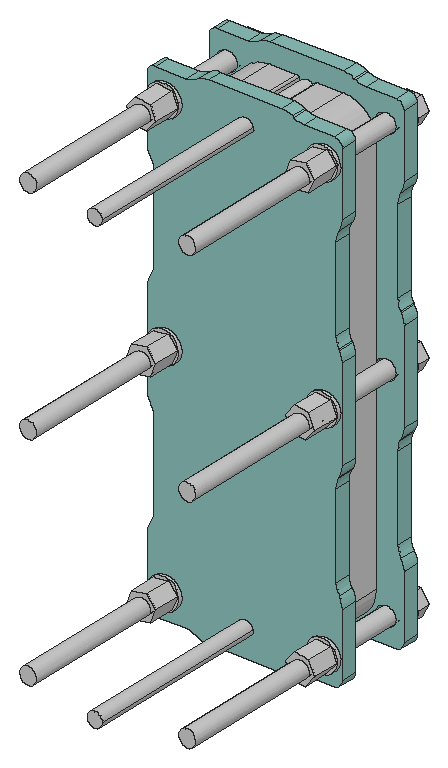
Revit family "Ekin_Endüstriyel - MIT505", category Specialty Equipment, Revit 2022 (continued)
Automatic sketch dimensions
  Extrusion 23 sketch curve to Extrusion 23 sketch curve = 2.00 mm  (x5)
  level to Extrusion 23 sketch curve = 18.50 mm  (x2)
  Extrusion 23 sketch curve to Extrusion 23 sketch curve = 5.50 mm  (x2)
  Extrusion 23 sketch curve to Extrusion 23 sketch curve = 440.00 mm
  plane 5 to Extrusion 24 sketch curve = 1029.75 mm  (x2)
  level to Extrusion 24 sketch curve = 417.00 mm
  plane 5 to Extrusion 24 sketch curve = 1008.50 mm  (x2)
  plane 5 to Extrusion 24 sketch curve = 970.25 mm  (x2)
  Extrusion 24 sketch curve to Extrusion 24 sketch curve = 0.00 mm  (x4)
  plane 5 to Extrusion 24 sketch curve = 991.50 mm
  level to Extrusion 24 sketch curve = 60.00 mm
  Extrusion 24 sketch curve to Extrusion 24 sketch curve = 21.25 mm
  Extrusion 21 sketch curve to Extrusion 21 sketch curve = 7.50 mm
  Extrusion 21 sketch curve to Extrusion 21 sketch curve = 17.00 mm  (x3)
  Extrusion 21 sketch curve to Extrusion 21 sketch curve = 26.00 mm
  level to Extrusion 21 sketch curve = 0.00 mm
  Extrusion 21 sketch curve to Extrusion 21 sketch curve = 208.50 mm  (x2)
  Extrusion 21 sketch curve to Extrusion 21 sketch curve = 85.00 mm
  Extrusion 21 sketch curve to Extrusion 21 sketch curve = 68.00 mm
  Extrusion 22 sketch curve to Extrusion 22 sketch curve = 7.50 mm
  Extrusion 22 sketch curve to Extrusion 22 sketch curve = 85.00 mm
  Extrusion 22 sketch curve to Extrusion 22 sketch curve = 17.00 mm  (x3)
  level to Extrusion 22 sketch curve = 0.00 mm
  Extrusion 22 sketch curve to Extrusion 22 sketch curve = 30.00 mm  (x3)
  Extrusion 23 sketch curve to Extrusion 23 sketch curve = 55.00 mm  (x2)
  Extrusion 16 sketch curve to plane 4 = 1095.00 mm
  Extrusion 16 sketch curve to Extrusion 16 sketch curve = 25.00 mm  (x4)
  Extrusion 16 sketch curve to Extrusion 16 sketch curve = 2.00 mm  (x5)
  Extrusion 16 sketch curve to Extrusion 16 sketch curve = 8.00 mm  (x2)
  level to Extrusion 16 sketch curve = 18.50 mm
  Extrusion 16 sketch curve to Extrusion 16 sketch curve = 5.50 mm  (x3)
  Extrusion 16 sketch curve to Extrusion 16 sketch curve = 380.00 mm
  Extrusion 16 sketch curve to Extrusion 16 sketch curve = 30.00 mm  (x5)
  Extrusion 16 sketch curve to Extrusion 16 sketch curve = 22.50 mm
  Extrusion 16 sketch curve to Extrusion 16 sketch curve = 0.00 mm
  radius of Extrusion 2 to Extrusion 8 sketch curve = 5.50 mm  (x6)
Connectors
  piping at (29.75, 35, 417), diameter 31.75
    settings: on Extrusion 24, index 1, connector inside diameter 609.6 mm, connector length 0.00 mm, flow factor 0, pipe flow 0.0 L/s, pressure drop 0 bar, fitting loss kfactor 0, connector angle 0.00°, fixture units 0, engagement length 0.00 mm, angle of deflection 0.00°, flow configuration 0, flow direction 1, fitting loss method 0, system type 7, joint type 0, gender type 0, connector reference index -1, connector utility 0, adjustable connector no, is connector primary yes, connector description ""
  piping at (-29.75, 35, 60), diameter 31.75
    settings: on Extrusion 24, index 2, connector inside diameter 609.6 mm, connector length 0.00 mm, flow factor 0, pipe flow 0.0 L/s, pressure drop 0 bar, fitting loss kfactor 0, connector angle 0.00°, fixture units 0, engagement length 0.00 mm, angle of deflection 0.00°, flow configuration 0, flow direction 1, fitting loss method 0, system type 7, joint type 0, gender type 0, connector reference index -1, connector utility 0, adjustable connector no, is connector primary no, connector description ""
  piping at (29.75, 35, 60), diameter 31.75
    settings: on Extrusion 24, index 3, connector inside diameter 609.6 mm, connector length 0.00 mm, flow factor 0, pipe flow 0.0 L/s, pressure drop 0 bar, fitting loss kfactor 0, connector angle 0.00°, fixture units 0, engagement length 0.00 mm, angle of deflection 0.00°, flow configuration 0, flow direction 2, fitting loss method 0, system type 7, joint type 0, gender type 0, connector reference index -1, connector utility 0, adjustable connector no, is connector primary no, connector description ""
  piping at (-29.75, 35, 417), diameter 31.75
    settings: on Extrusion 24, index 4, connector inside diameter 609.6 mm, connector length 0.00 mm, flow factor 0, pipe flow 0.0 L/s, pressure drop 0 bar, fitting loss kfactor 0, connector angle 0.00°, fixture units 0, engagement length 0.00 mm, angle of deflection 0.00°, flow configuration 0, flow direction 2, fitting loss method 0, system type 7, joint type 0, gender type 0, connector reference index -1, connector utility 0, adjustable connector no, is connector primary no, connector description ""
